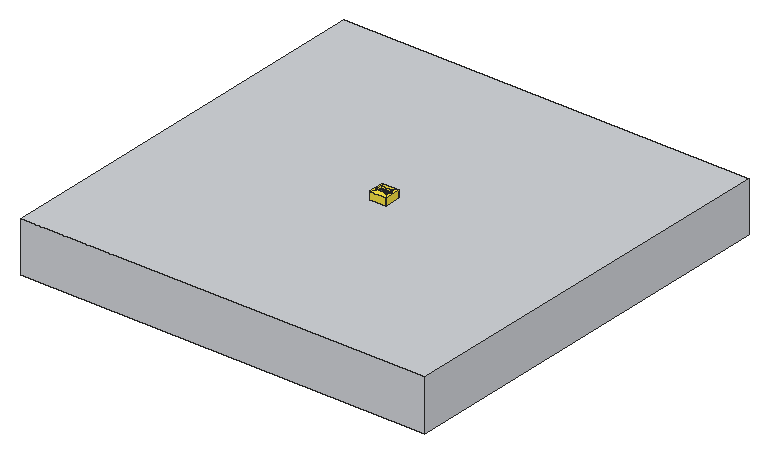
Revit family "P100_Pulsador convencional de extinción", category Dispositivos de alarma de incendios, Revit 2017
Family settings
  Anfitrión = Cara
  Mantener orientación de anotación = No
  Cota de conector redondo = Diámetro de uso
  Tipo de pieza = Normal
  Corte con vacíos al cargar = No
  Compartido = No
  Punto de cálculo de habitación = No
Parameters (values of type "PDD-100")
  Índice IP = "IP40"  # constant formula
  Voltaje = 230 V
  URL = "https://www.detnov.com/wp-content/uploads/2019/04/Datasheet_PPD-100-DS-279-es-2019-a.pdf"
  Tensión de trabajo = "De 9 a 28VCC"  # constant formula
  Cuerpo = ABS amarillo
  Consumo en reposo = "< 100 μA"  # constant formula
  Temperatura trabajo = "De -10ºC a 70ºC"  # constant formula
  Consumo en alarma = "< 100 mA"  # constant formula
  Profundidad = 58.5 mm  # constant formula
  Potencia total = 0 VA
  Conexionado = "2 x 1,5 mm² trenzado"  # constant formula
  Nº certificado = "0370-CPR-3150"  # constant formula
  Imagen de tipo = <Ninguno>
  Humedad relativa = "95% sin condensación"  # constant formula
  Fases = 1
  Email = "info@detnov.com"  # constant formula
  Teléfono = "(+34) 93 371 60 25"  # constant formula
  Modelo = "Pulsador PDD-100"
  Fabricante = "Detnov Security"  # constant formula
  Default Elevation = 1219.2 mm
  Descripción = "Pulsador de disparo de extinción rearmable. Marca Detnov, modelo PDD-100. Color amarillo. Con llave de prueba, montaje en superficie. Uso en interior. Incluye resistencia de 100 Ohm -2W. Dimensiones 98x98x48mm. Certificado CPR EN54-11."
  Código de montaje = "PDETPDD-100"
  Comentarios de tipo = "Los pulsadores convencionales de Detnov permiten la activación manual inmediata de una alarma en caso de incendio. Es uno de los dispositivos básicos en cualquier sistema de detección y extinción, ya que permite la activación por parte del usuario en caso de localizar un incendio, previamente a la entrada de una alarma del sistema automático de detección."  # constant formula
  Certificación = "EN 54-11 y EN 54-17"  # constant formula
  Carga eléctrica = Otro
  Anchura = 87 mm  # constant formula
  Altura = 87 mm  # constant formula
Types (3, lengths in mm): name | Cuerpo | Modelo | Descripción | Código de montaje
  (no name) | ABS amarillo | "Pulsador PDD-100" | "Pulsador de disparo de extinción rearmable. Marca Detnov, modelo PDD-100. Color amarillo. Con llave de prueba, montaje en superficie. Uso en interior. Incluye resistencia de 100 Ohm -2W. Dimensiones 98x98x48mm. Certificado CPR EN54-11." | "PDETPDD-100"
  PPD-100 | ABS azul | "Pulsador PPD-100" | "Pulsador de paro de extinción rearmable. Marca Detnov, modelo PPD-100. Color azul. Con llave de prueba, montaje en superficie. Uso en interior. Incluye resistencia de 100 Ohm -2W. Dimensiones 98x98x48mm. Certificado CPR EN54-11." | "PDETPPD-100"
  PDD-100 | ABS amarillo | "Pulsador PDD-100" | "Pulsador de disparo de extinción rearmable. Marca Detnov, modelo PDD-100. Color amarillo. Con llave de prueba, montaje en superficie. Uso en interior. Incluye resistencia de 100 Ohm -2W. Dimensiones 98x98x48mm. Certificado CPR EN54-11." | "PDETPDD-100"
Reference planes
  plane 1 "Centro (Frontal/Posterior)": y = 0
  plane 2: z = 0
  plane 3 "Centro (Izquierda/Derecha)": x = 0
  plane 4 "Pulsadores": z = 38
Forms (mm)
  Extrusion 1, solid
    sketch origin (0, 0, 0) x (1, 0, 0) y (0, 1, 0)
      loop
        line (-1219.2, 1219.2) -> (-1219.2, -1219.2) -> (1219.2, -1219.2) -> (1219.2, 1219.2) -> (-1219.2, 1219.2)
    from 0 to -304.8
  Extrusion 2, solid, material "ABS amarillo" <- "Cuerpo"
    sketch origin (0, 0, 0) x (1, 0, 0) y (0, 1, 0)
      loop
        line (46, 49) -> (-46, 49)
        arc (-46, 49) -> (-48.121, 48.121) -> (-49, 46) r 3
        line (-49, 46) -> (-49, -46)
        arc (-49, -46) -> (-48.121, -48.121) -> (-46, -49) r 3
        line (-46, -49) -> (46, -49)
        arc (46, -49) -> (48.121, -48.121) -> (49, -46) r 3
        line (49, -46) -> (49, 46)
        arc (49, 46) -> (48.121, 48.121) -> (46, 49) r 3
    from 0 to 47
  Extrusion 3, void
    sketch origin (0, 0, 0) x (1, 0, 0) y (0, 0, 1)
      loop
        arc (-49.312, 42.384) -> (-32.268, 45.842) -> (-14.938, 47.312) r 150.734
        line (-14.938, 47.312) -> (-49.312, 47.312) -> (-49.312, 42.384)
      loop
        line (49.312, 42.384) -> (49.312, 47.312) -> (14.938, 47.312)
        arc (14.938, 47.312) -> (32.268, 45.842) -> (49.312, 42.384) r 150.734
    from -50 to 50
  Extrusion 4, void
    sketch origin (0, 0, 0) x (0, 1, 0) y (0, 0, 1)
      loop
        arc (-49.322, 42.398) -> (-32.277, 45.855) -> (-14.948, 47.326) r 150.734
        line (-14.948, 47.326) -> (-49.322, 47.326) -> (-49.322, 42.398)
      loop
        line (49.303, 42.398) -> (49.303, 47.326) -> (14.929, 47.326)
        arc (14.929, 47.326) -> (32.259, 45.855) -> (49.303, 42.398) r 150.734
    from -50 to 50
  Blend 5, void
    base sketch origin (0, 0, 0) x (1, 0, 0) y (0, 1, 0)
      loop
        line (33.226, 18.227) -> (-33.226, 18.227) -> (-33.226, -18.226) -> (33.226, -18.226) -> (33.226, 18.227)
    top sketch origin (0, 0, 0) x (1, 0, 0) y (0, 1, 0)
      loop
        line (-37.332, 23.35) -> (-37.332, -23.35) -> (37.332, -23.35) -> (37.332, 23.35) -> (-37.332, 23.35)
    from 38 to 48
  Extrusion 6, void
    sketch origin (0, 0, 0) x (1, 0, 0) y (0, 1, 0)
      loop
        circle (-44.09, 0) r 3.5
      loop
        circle (44.09, 0) r 3.5
    from 42 to 50
  Extrusion 7, solid, material "Negro"
    sketch origin (0, 0, 38) x (-1, 0, 0) y (0, -1, 0)
      loop
        line (29, 3.5) -> (21, 3.5) -> (21, 6.5) -> (15, 0) -> (21, -6.5) -> (21, -3.5) -> (29, -3.5) -> (29, 3.5)
      loop
        line (-29, 3.5) -> (-29, -3.5) -> (-21, -3.5) -> (-21, -6.5) -> (-15, 0) -> (-21, 6.5) -> (-21, 3.5) -> (-29, 3.5)
      loop
        circle (0, 0) r 7.5
      loop
        circle (0, 0) r 3.37
    from 0 to 2
Cuts and joins
  Extrusion 3, Extrusion 4, Blend 5, Extrusion 6 cuts Extrusion 2
Dimensions and locks
  aligned and locked: plane 2 to Extrusion 1
  aligned and locked: level to Extrusion 1
Connectors
  electrical at (0, 0, 0)
    settings: on cut or joined group of Extrusion 2, Extrusion 3, Extrusion 4, Blend 5, Extrusion 6, index 1, voltage 0 V, apparent load 0 VA, apparent load phase1 0 VA, apparent load phase2 0 VA, apparent load phase3 0 VA, power factor 1, load classification "Otro", number of poles 1, system type 11, power factor state 1, is connector primary no, connector utility no, sub classification motor no, connector description ""
  electrical at (0, 0, 0), driven by "Fases", driven by "Carga eléctrica", driven by "Voltaje", driven by "Potencia total"
    settings: on cut or joined group of Extrusion 2, Extrusion 3, Extrusion 4, Blend 5, Extrusion 6, index 2, voltage 230 V, apparent load 0 VA, apparent load phase1 0 VA, apparent load phase2 0 VA, apparent load phase3 0 VA, power factor 0.9, load classification "Otro", number of poles 1, system type 31, power factor state 1, is connector primary yes, connector utility no, sub classification motor no, connector description ""
